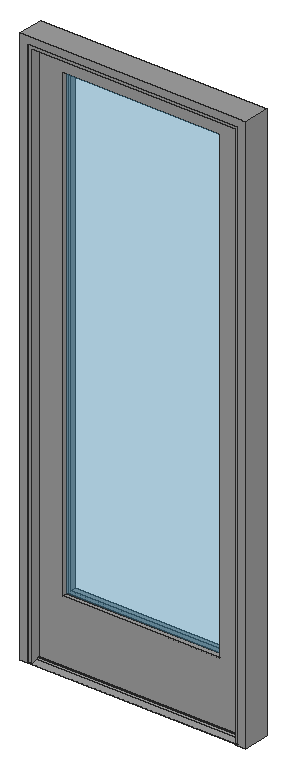
Revit family "AD-375 DOOR-1-PD-CW_v05", category Curtain Panels, Revit 2015
Parameters
  Width [instance] = 3' - 2"
  URL = "obe.com"
  Rough Width [instance] = 3' - 0"
  Panel Width [instance] = Width - 0' 2 1/2"  # 2' - 11 1/2"
  Panel Offset [instance] = 0' - 0"
  Offset [instance] = 0' - 6"
  Model = "AD-375 DOOR"
  Min-Max Rough Width [instance] = if(and((Rough Width > 3' 1 255/256"), (Rough Width < 3' 8 1/256")), Rough Width, 3' 2 1/2")  # 3' - 2 1/2"
  Min-Max Panel Width [instance] = if(and((Rough Width > 3' 1 255/256"), (Rough Width < 3' 8 1/256")), Rough Width - 0' 2 1/2", 3' 0")  # 3' - 0"
  Manufacturer = "Oldcastle BuildingEnvelope®"
  Keynote = "08 11 00"
  Height [instance] = 8' - 0"
  Glass Material = Glass
  Frame Material = Aluminum
  Door Panel Height [instance] = Height - 0' 0 21/32"  # 7' - 11 11/32"
  Description = "AD-375 - 1\" Door Infill"
  Assembly Code = "B2030"
  Analytic Construction = "<None>"
  6 Bottom Rail [instance] = no
  10 Bottom Rail [instance] = not([6 Bottom Rail])  # yes
Reference planes (in)
  plane 1 "Front": y = 0
  plane 2: z = 0
  plane 3 "Center (Left/Right)": x = 0
  plane 4 "Left": x = -19
  plane 5 "Right": x = 19
  plane 6 "Top": z = 96
  plane 7 "Offset": y = -6
  plane 8: x = -19.25
  plane 9: x = 19.25
Forms (in)
  Sweep 1, solid, material "Aluminum" <- "Frame Material"
    path origin (0, -6, 0) x (-1, 0, 0) y (0, 0, 1)
      loop
        line (-19.25, 96) -> (-19.25, 0)
    profile origin (19.25, -6, 48) x (0, 1, 0) y (-1, 0, 0)
      loop
        line (0, 0) -> (0, 1.25) -> (-2.7624, 1.25) -> (-2.7624, 1.812) -> (-4.3574, 1.812) -> (-4.3574, 1.25) -> (-4.50055, 1.25) -> (-4.50055, 0) -> (0, 0)
  Sweep 2, solid, material "Aluminum" <- "Frame Material"
    path origin (0, -6, 0) x (-1, 0, 0) y (0, 0, 1)
      loop
        line (19.25, 96) -> (19.25, 0)
    profile origin (-19.25, -6, 48) x (0, 1, 0) y (-1, 0, 0)
      loop
        line (0, 0) -> (-4.50055, 0) -> (-4.50055, -1.25) -> (-4.3574, -1.25) -> (-4.3574, -1.812) -> (-2.7624, -1.812) -> (-2.7624, -1.25) -> (0, -1.25) -> (0, 0)
  Sweep 3, solid, material "Aluminum" <- "Frame Material"
    path origin (0, -6, 0) x (-1, 0, 0) y (0, 0, 1)
      loop
        line (19.25, 96) -> (-19.25, 96)
    profile origin (0, -6, 96) x (0, 0, -1) y (0, 1, 0)
      loop
        line (1.25, 0) -> (0, 0) -> (0, -4.50055) -> (1.25, -4.50055) -> (1.25, -4.3574) -> (1.812, -4.3574) -> (1.812, -2.7624) -> (1.25, -2.7624) -> (1.25, 0)
Cuts and joins
  joined: Sweep 1, Sweep 2, Sweep 3
Text (in)
  text "Exterior" at (-54.29358, 31.38743, 0), in view "Ref. Level"
  text "Exterior" at (480, 41.53993, 89.60405), in view "Right"
  text "Exterior" at (-240, 57.82419, 105.78864), in view "Left"
Dimensions and locks (in)
  equal spacing: plane 4 "Left", plane 3 "Center (Left/Right)", plane 5 "Right"
  "Width": plane 4 "Left" to plane 5 "Right"
  "Height": plane 6 "Top" to plane 2
  "Offset": plane 7 "Offset" to plane 1 "Front"
  equal spacing: plane 8, plane 3 "Center (Left/Right)", plane 9
  "Min-Max Rough Width": plane 8 to plane 9
  locked: nested 1 to plane 7 "Offset" at 1.4437
  aligned and locked: level to plane 2
  aligned and locked: plane 3 "Center (Left/Right)" to nested 1
  aligned and locked: plane 2 to Sweep 1 sketch curve
  aligned and locked: plane 6 "Top" to Sweep 1 sketch curve
  aligned and locked: plane 2 to Sweep 2 sketch curve
  aligned and locked: plane 6 "Top" to Sweep 2 sketch curve
  aligned and locked: plane 6 "Top" to Sweep 3 sketch curve
  aligned and locked: plane 8 to Sweep 2 sketch curve
  aligned and locked: Sweep 1 sketch curve to plane 9
  aligned and locked: plane 9 to Sweep 3 sketch curve
  aligned and locked: plane 8 to Sweep 3 sketch curve
Automatic sketch dimensions
  Sweep 2 sketch curve to Sweep 2 sketch curve = 0' - 0.14315"
  Sweep 2 sketch curve to Sweep 2 sketch curve = 0' - 1.595"
  profile plane to Sweep 2 sketch curve = 0' - 1 1/4"  (x2)
  Sweep 2 sketch curve to Sweep 2 sketch curve = 0' - 2.7624"
  Sweep 2 sketch curve to Sweep 2 sketch curve = 0' - 0.562"
  Sweep 2 sketch curve to plane 7 "Offset" = 0' - 0"
  Sweep 2 sketch curve to profile plane = 0' - 0"
  Sweep 1 sketch curve to profile plane = 0' - 1.812"
  profile plane to Sweep 1 sketch curve = 0' - 0"
  Sweep 1 sketch curve to plane 7 "Offset" = 0' - 4.50055"
  Sweep 1 sketch curve to Sweep 1 sketch curve = 0' - 0.14315"
  Sweep 1 sketch curve to Sweep 1 sketch curve = 0' - 1.595"
  Sweep 1 sketch curve to profile plane = 0' - 1 1/4"  (x2)
  Sweep 1 sketch curve to Sweep 1 sketch curve = 0' - 2.7624"
  Sweep 3 sketch curve to profile plane = 0' - 1.812"
  Sweep 3 sketch curve to profile plane = 0' - 1 1/4"  (x2)
  Sweep 3 sketch curve to Sweep 3 sketch curve = 0' - 1 1/4"
  Sweep 3 sketch curve to plane 7 "Offset" = 0' - 4.50055"
  Sweep 3 sketch curve to Sweep 3 sketch curve = 0' - 0.14315"
  Sweep 3 sketch curve to Sweep 3 sketch curve = 0' - 1.595"
  Sweep 3 sketch curve to Sweep 3 sketch curve = 0' - 2.7624"
Nested families (in)
  nested 1: "AD-375 DOOR-1-PD-Panel_v04" at (0, -15, 0), Frame Material <- "Frame Material", Glass Material <- "Glass Material", 6 Bottom Rail <- "6 Bottom Rail", Width <- "Min-Max Panel Width", Height <- "Door Panel Height", Offset <- "Offset", type "AD-375 DOOR-1-PD-Panel"
    with built-in parameter 1001301 3' - 0", Offset 0' - 6", built-in parameter 1001300 7' - 11 11/32", Glass Material Glass, Frame Material Aluminum, Bottom Rail 0' - 10 19/32", 6 Bottom Rail no, 10 Bottom Rail yes
Definition of nested family "AD-375 DOOR-1-PD-Panel_v04"
  Parameters (values of type "AD-375 DOOR-1-PD-Panel")
    Width [instance] = 3' - 0"
    Offset [instance] = 0' - 10"
    Height [instance] = 8' - 0"
    Glass Material [instance] = none
    Frame Material [instance] = none
    Bottom Rail [instance] = if([10 Bottom Rail], 0' 10 19/32", 0' 6 19/32")  # 0' - 6 19/32"
    Analytic Construction = "<None>"
    6 Bottom Rail [instance] = yes
    10 Bottom Rail [instance] = not([6 Bottom Rail])  # no
  Reference planes (in)
    plane 1 "00": y = 3.5563
    plane 2: z = 0
    plane 3 "Center (Left/Right)": x = 0
    plane 4: z = 96
    plane 5: x = -18
    plane 6: x = 18
    plane 7 "Center (Front/Back)": y = 15
    plane 8 "Exterior": y = 4.0563
    plane 9: z = 48
    plane 10: z = 92.46875
    plane 11: z = 6.59375
    plane 12: x = -13.87499
    plane 13: x = 13.87499
    plane 14: y = 5
  Forms (in)
    Sweep 1, solid, material <- "Frame Material"
      path origin (0, 3.5563, 0) x (1, 0, 0) y (0, 0, 1)
        loop
          line (-17.93745, 96) -> (17.9375, 96)
      profile origin (0.00003, 3.5563, 96) x (0, 0, 1) y (0, -1, 0)
        loop
          line (-0.59375, -1.3187) -> (-0.59375, 1.3187) -> (-3.96875, 1.3187) -> (-3.96875, 0.5) -> (-3.53125, 0.5) -> (-3.53125, -0.5) -> (-3.96875, -0.5) -> (-3.96875, -1.3187) -> (-0.59375, -1.3187)
    Sweep 2, solid, material <- "Frame Material"
      path origin (0, 3.5563, 0) x (1, 0, 0) y (0, 0, 1)
        loop
          line (17.9375, 0) -> (-17.93745, 0)
      profile origin (0.00003, 3.5563, 0) x (0, 0, -1) y (0, -1, 0)
        loop
          line (-7.125, -0.5) -> (-7.125, -1.3187) -> (-0.375, -1.3187) -> (-0.375, 1.3187) -> (-0.256, 1.3187) -> (-0.256, -0.69426) -> (-0.1048, -1.44415) -> (0, -1.44415) -> (0, 3.05585) -> (-0.09458, 3.05585) -> (-0.256, 1.86985) -> (-0.506, 1.73385) -> (-0.506, 1.3187) -> (-7.125, 1.3187) -> (-7.125, 0.5) -> (-6.59375, 0.5) -> (-6.59375, -0.5) -> (-7.125, -0.5)
    Sweep 3, solid, material <- "Frame Material"
      path origin (0, 3.5563, 0) x (1, 0, 0) y (0, 0, 1)
        loop
          line (18, 95.40625) -> (18, 0)
      profile origin (18, 3.5563, 47.70312) x (0, -1, 0) y (1, 0, 0)
        loop
          line (1.3187, -4.56251) -> (1.3187, -0.0625) -> (-1.3187, -0.0625) -> (-1.3187, -4.56251) -> (-0.5, -4.56251) -> (-0.5, -4.12501) -> (0.5, -4.12501) -> (0.5, -4.56251) -> (1.3187, -4.56251)
    Sweep 4, solid, material <- "Frame Material"
      path origin (0, 3.5563, 0) x (1, 0, 0) y (0, 0, 1)
        loop
          line (-18, 95.40625) -> (-18, 0)
      profile origin (-18, 3.5563, 47.70312) x (0, -1, 0) y (1, 0, 0)
        loop
          line (-1.3187, 0.06255) -> (1.3187, 0.06255) -> (1.3187, 4.56251) -> (0.5, 4.56251) -> (0.5, 4.12501) -> (-0.5, 4.12501) -> (-0.5, 4.56251) -> (-1.3187, 4.56251) -> (-1.3187, 0.06255)
    Extrusion 5, solid, material <- "Glass Material", detail levels coarse
      sketch origin (0, 0, 0) x (1, 0, 0) y (0, 1, 0)
        loop
          line (-13.87499, 4.0563) -> (-13.87499, 3.0563) -> (13.87499, 3.0563) -> (13.87499, 4.0563) -> (-13.87499, 4.0563)
      from 6.59375 to 92.46875
    Extrusion 6, solid, material <- "Glass Material", detail levels medium+fine
      sketch origin (0, 0, 0) x (1, 0, 0) y (0, 1, 0)
        loop
          line (-13.87499, 3.0563) -> (13.87499, 3.0563) -> (13.87499, 3.3043) -> (-13.87499, 3.3043) -> (-13.87499, 3.0563)
        loop
          line (13.87499, 4.0563) -> (-13.87499, 4.0563) -> (-13.87499, 3.8083) -> (13.87499, 3.8083) -> (13.87499, 4.0563)
      from 6.59375 to 92.46875
  Cuts and joins
    joined: Sweep 1, Sweep 2, Sweep 3, Sweep 4
  Lines and regions (in)
    model lines
      curve 1: line (13.87499, 4.0563, 92.46875) -> (-13.43931, 4.0563, 48)
      curve 2: line (-13.43931, 4.0563, 48) -> (13.87499, 4.0563, 6.59375)
  Dimensions and locks (in)
    equal spacing: plane 5, plane 3 "Center (Left/Right)", plane 6
    "Offset": plane 14 to plane 7 "Center (Front/Back)"
    plane 1 "00" to plane 8 "Exterior" to plane 14 = 0' - 0 1/2" locked, 0' - 0.9437" locked
    equal spacing: level, plane 9, plane 4
    locked: Sweep 3 sketch curve to plane 4 at 0.59375
    locked: Sweep 4 sketch curve to plane 4 at 0.59375
    Extrusion 5 sketch curve to plane 1 "00" to Extrusion 5 sketch curve = 0' - 0 1/2" locked, 0' - 0 1/2" locked
    locked: plane 10 to plane 4 at 3.53125
    "Bottom Rail": plane 11 to plane 2
    "Height": plane 4 to plane 2
    locked: Sweep 1 sketch curve to plane 10 at 0.4375  (x2)
    locked: plane 11 to Sweep 2 sketch curve at 0.53125  (x2)
    "Width": plane 5 to plane 6
    locked: plane 6 to Sweep 2 sketch curve at 0.0625
    locked: plane 13 to plane 6 at 4.12501
    locked: plane 5 to plane 12 at 4.12501
    locked: Sweep 2 sketch curve to plane 5 at 0.06255
    locked: Sweep 1 sketch curve to plane 5 at 0.06255
    locked: plane 6 to Sweep 1 sketch curve at 0.0625
    equal spacing: Extrusion 5, Extrusion 6 sketch curve, plane 1 "00", Extrusion 5
    aligned and locked: plane 2 to level
    aligned and locked: Sweep 1 sketch curve to plane 4
    aligned and locked: Sweep 2 sketch curve to level
    aligned and locked: level to Sweep 3 sketch curve
    aligned and locked: level to Sweep 4 sketch curve
    aligned and locked: Extrusion 6 to plane 10
    aligned and locked: Extrusion 5 to plane 10
    aligned and locked: plane 9 to curve 1
    aligned and locked: plane 11 to Extrusion 6
    aligned and locked: Sweep 3 sketch curve to plane 6
    aligned and locked: Sweep 4 sketch curve to plane 5
    aligned and locked: Extrusion 6 to plane 12  (x2)
    aligned and locked: Extrusion 5 to plane 12
    aligned and locked: plane 13 to Extrusion 6  (x2)
    aligned and locked: plane 13 to Extrusion 5
    aligned and locked: plane 11 to Extrusion 5
  Automatic sketch dimensions
    Sweep 1 sketch curve to Sweep 1 sketch curve = 0' - 0 7/16"
    profile plane to Sweep 1 sketch curve = 0' - 0 19/32"
    Sweep 1 sketch curve to plane 1 "00" = 0' - 1.3187"
    Sweep 1 sketch curve to plane 1 "00" = 0' - 0 1/2"
    plane 1 "00" to Sweep 1 sketch curve = 0' - 0 1/2"
    Sweep 1 sketch curve to Sweep 1 sketch curve = 0' - 0.8187"
    Sweep 2 sketch curve to profile plane = 0' - 0"
    Sweep 2 sketch curve to Sweep 2 sketch curve = 0' - 0 17/32"
    profile plane to Sweep 2 sketch curve = 0' - 0.256"  (x2)
    profile plane to Sweep 2 sketch curve = 0' - 0.1048"
    profile plane to Sweep 2 sketch curve = 0' - 0.09458"
    Sweep 2 sketch curve to plane 1 "00" = 0' - 1.3187"
    Sweep 2 sketch curve to plane 1 "00" = 0' - 0 1/2"
    plane 1 "00" to Sweep 2 sketch curve = 0' - 0 1/2"
    Sweep 2 sketch curve to Sweep 2 sketch curve = 0' - 0.8187"
    Sweep 2 sketch curve to Sweep 2 sketch curve = 0' - 0.41515"
    Sweep 2 sketch curve to Sweep 2 sketch curve = 0' - 0.136"
    Sweep 2 sketch curve to Sweep 2 sketch curve = 0' - 1.186"
    Sweep 4 sketch curve to profile plane = 0' - 0.06255"
    Sweep 4 sketch curve to plane 1 "00" = 0' - 1.3187"
    Sweep 4 sketch curve to plane 1 "00" = 0' - 0 1/2"
    plane 1 "00" to Sweep 4 sketch curve = 0' - 0 1/2"
    Sweep 4 sketch curve to Sweep 4 sketch curve = 0' - 0.8187"
    Sweep 4 sketch curve to Sweep 4 sketch curve = 0' - 0 7/16"  (x2)
    Extrusion 5 sketch curve to plane 12 = 0' - 0"
    Extrusion 5 sketch curve to plane 13 = 0' - 0"
    Extrusion 6 sketch curve to plane 12 = 0' - 0"  (x2)
    Extrusion 6 sketch curve to plane 13 = 0' - 0"  (x2)
    curve 2 to plane 11 = 0' - 0"
    curve 2 to plane 13 = 0' - 0"
    curve 1 to plane 10 = 0' - 0"
    curve 1 to plane 13 = 0' - 0"
    plane 12 to curve 2 = 0' - 0.43567"
    Sweep 4 sketch curve to Sweep 4 sketch curve = 0' - 4.06246"
    plane 1 "00" to Extrusion 6 sketch curve = 0' - 0 1/2"
    plane 8 "Exterior" to Extrusion 6 sketch curve = 0' - 0.248"
    Extrusion 6 sketch curve to Extrusion 6 sketch curve = 0' - 0.248"  (x2)
    Sweep 2 sketch curve to Sweep 2 sketch curve = 0' - 0.119"
    Sweep 2 sketch curve to Sweep 2 sketch curve = 0' - 0.62444"
    Sweep 2 sketch curve to Sweep 2 sketch curve = 0' - 0"
    Sweep 2 sketch curve to Sweep 2 sketch curve = 0' - 0.131"
    Sweep 2 sketch curve to Sweep 2 sketch curve = 0' - 0.74989"
    Sweep 3 sketch curve to plane 1 "00" = 0' - 1.3187"
    Sweep 3 sketch curve to plane 1 "00" = 0' - 0 1/2"
    plane 1 "00" to Sweep 3 sketch curve = 0' - 0 1/2"
    profile plane to Sweep 3 sketch curve = 0' - 0 1/16"
    plane 1 "00" to Sweep 3 sketch curve = 0' - 1.3187"
    profile plane to Sweep 3 sketch curve = 0' - 4 1/8"
    Sweep 3 sketch curve to Sweep 3 sketch curve = 0' - 0 7/16"  (x2)
